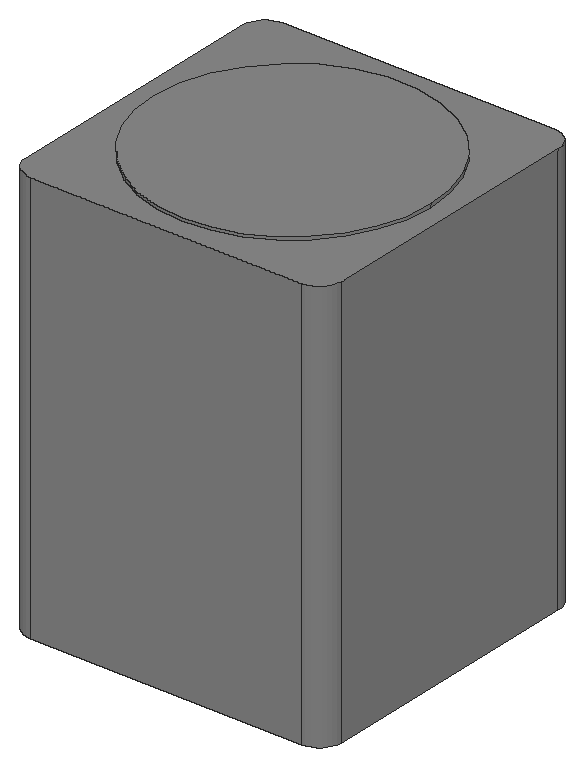
Revit family "M_Ar condicionado-Unidade externa", category Equipamento mecânico, Revit 2019
Family settings
  Cota do conector redondo = Utilizar diâmetro
  Tipo de parte = Normal
  Número OmniClass = 23.75.10.24.21.27
  Título OmniClass = Unitary Air Conditioning Equipment
  ID de item do Seek = Air Conditioner-Outside Unit-0000-CAN-ENU
  Com base no plano de trabalho = Não
  Sempre na vertical = Sim
  Corte com vazios quando carregada = Não
  Compartilhado = Não
  Ponto de cálculo do ambiente = Não
Parameters (values of type "720 x 720 x 950mm")
  Material do ar condicionado = Aço, acabamento de pintura, cinza escuro, fosco
  Linear = 720.00 mm
  Altura = 950.00 mm
  Largura = 720.00 mm
Types (3, lengths in mm): name | Linear | Altura | Largura
  (no name) | 720.00 | 950.00 | 720.00
  720 x 720 x 950mm | 720.00 | 950.00 | 720.00
  620 x 620 x 845mm | 620.00 | 845.00 | 620.00
Reference planes
  plane 1 "Centro (Frente/Trás)": y = 0
  plane 2: z = 0
  plane 3 "Centro (Esquerda/Direita)": x = 0
  plane 4: z = 950
  plane 5: y = 360
  plane 6: y = -360
  plane 7: x = -360
  plane 8: x = 360
  plane 9: z = 943.65
Forms (mm)
  Extrusion 1, solid, material "Aço, acabamento de pintura, cinza escuro, fosco" <- "Material do ar condicionado"
    sketch origin (0, 0, 0) x (1, 0, 0) y (0, 1, 0)
      loop
        line (-309.2, -360) -> (309.2, -360)
        arc (309.2, -360) -> (345.121, -345.121) -> (360, -309.2) r 50.8
        line (360, -309.2) -> (360, 309.2)
        arc (360, 309.2) -> (345.121, 345.121) -> (309.2, 360) r 50.8
        line (309.2, 360) -> (-309.2, 360)
        arc (-309.2, 360) -> (-345.121, 345.121) -> (-360, 309.2) r 50.8
        line (-360, 309.2) -> (-360, -309.2)
        arc (-360, -309.2) -> (-345.121, -345.121) -> (-309.2, -360) r 50.8
    from 0 to 943.65
  Extrusion 2, solid, material "Aço, acabamento de pintura, cinza escuro, fosco" <- "Material do ar condicionado"
    sketch origin (0, 0, 0) x (1, 0, 0) y (0, 1, 0)
      loop
        circle (0, 0) r 315.663
    from 943.65 to 950
Lines and regions (mm)
  symbolic lines
    curve 1: line (-309.2, -360, 0) -> (309.2, -360, 0)
    curve 2: line (-360, 309.2, 0) -> (-360, -309.2, 0)
    curve 3: line (309.2, 360, 0) -> (-309.2, 360, 0)
    curve 4: line (360, -309.2, 0) -> (360, 309.2, 0)
    curve 5: arc (309.2, 360, 0) -> (345.121, 345.121, 0) -> (360, 309.2, 0) r 50.8
    curve 6: arc (360, -309.2, 0) -> (345.121, -345.121, 0) -> (309.2, -360, 0) r 50.8
    curve 7: arc (-360, -309.2, 0) -> (-345.121, -345.121, 0) -> (-309.2, -360, 0) r 50.8
    curve 8: arc (-360, 309.2, 0) -> (-345.121, 345.121, 0) -> (-309.2, 360, 0) r 50.8
    curve 9: arc (331.425, 0, 0) -> (0, 331.425, 0) -> (-331.425, 0, 0) r 331.425
    curve 10: arc (-331.425, 0, 0) -> (0, -331.425, 0) -> (331.425, 0, 0) r 331.425
    curve 11: arc (315.663, 0, 0) -> (0, 315.663, 0) -> (-315.663, 0, 0) r 315.663
    curve 12: arc (-315.663, 0, 0) -> (0, -315.663, 0) -> (315.663, 0, 0) r 315.663
    curve 13: arc (31.75, 0, 0) -> (0, 31.75, 0) -> (-31.75, 0, 0) r 31.75
    curve 14: arc (-31.75, 0, 0) -> (0, -31.75, 0) -> (31.75, 0, 0) r 31.75
    curve 15: arc (50.8, 0, 0) -> (0, 50.8, 0) -> (-50.8, 0, 0) r 50.8
    curve 16: arc (-50.8, 0, 0) -> (0, -50.8, 0) -> (50.8, 0, 0) r 50.8
Dimensions and locks
  "Largura": plane 7 to plane 8
  "Linear": plane 5 to plane 6
  "Altura": plane 2 to plane 4
  equal spacing: plane 7, plane 3 "Centro (Esquerda/Direita)", plane 8
  equal spacing: plane 5, plane 1 "Centro (Frente/Trás)", plane 6
  locked: plane 9 to plane 4 at 6.35
  aligned and locked: Extrusion 1 to plane 2
  aligned and locked: Extrusion 1 to plane 9
  aligned and locked: Extrusion 2 to Extrusion 1
  aligned and locked: Extrusion 2 to plane 4
Automatic sketch dimensions
  Extrusion 1 sketch curve to plane 7 = 0.00 mm
  Extrusion 1 sketch curve to plane 5 = 0.00 mm
  Extrusion 1 sketch curve to plane 6 = 0.00 mm
  Extrusion 1 sketch curve to plane 8 = 0.00 mm
  Extrusion 1 sketch curve to plane 5 = 50.80 mm
  plane 7 to Extrusion 1 sketch curve = 50.80 mm
  Extrusion 1 sketch curve to Extrusion 1 sketch curve = 50.80 mm
  Extrusion 1 sketch curve to plane 8 = 50.80 mm
  Extrusion 2 sketch curve to plane 1 "Centro (Frente/Trás)" = 0.00 mm
  Extrusion 2 sketch curve to plane 3 "Centro (Esquerda/Direita)" = 0.00 mm
  plane 7 to Extrusion 2 sketch curve = 44.337 mm
  curve 8 to plane 7 = 0.00 mm
  curve 9 to plane 1 "Centro (Frente/Trás)" = 0.00 mm
  curve 12 to plane 1 "Centro (Frente/Trás)" = 0.00 mm
  curve 1 to plane 6 = 0.00 mm
  curve 3 to plane 5 = 0.00 mm
  curve 16 to plane 1 "Centro (Frente/Trás)" = 0.00 mm
  curve 14 to plane 1 "Centro (Frente/Trás)" = 0.00 mm
  curve 16 to plane 3 "Centro (Esquerda/Direita)" = 0.00 mm
  curve 9 to plane 3 "Centro (Esquerda/Direita)" = 0.00 mm
  curve 14 to plane 3 "Centro (Esquerda/Direita)" = 0.00 mm
  curve 12 to plane 3 "Centro (Esquerda/Direita)" = 0.00 mm
  curve 6 to plane 8 = 0.00 mm
  plane 7 to curve 9 = 28.575 mm
  curve 9 to curve 12 = 15.762 mm
  plane 7 to curve 1 = 50.80 mm
  plane 7 to curve 3 = 50.80 mm
  curve 16 to curve 11 = 50.80 mm
  curve 15 to curve 14 = 19.05 mm
  curve 1 to plane 8 = 50.80 mm
  curve 3 to plane 8 = 50.80 mm
